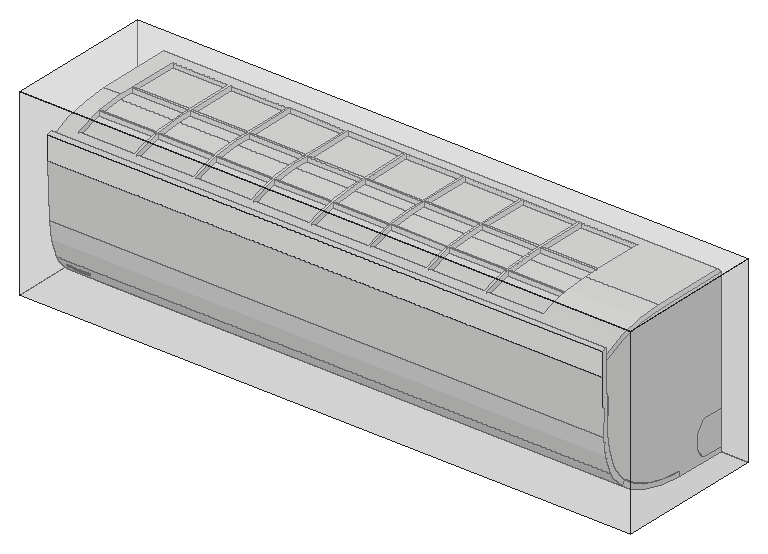
Revit family "outputfile", category 機械設備, Revit 2024 (continued)
Definition of nested family "DAIKIN_indoorunit_FTKM-XVMG"
  Automatic sketch dimensions
    Extrusion 22 sketch curve to Extrusion 22 sketch curve = 20.0 mm  (x2)
    Extrusion 22 sketch curve to level = 287.035 mm
    Extrusion 23 sketch curve to plane 1 "Center (Front/Back)" = 0.0 mm
    Extrusion 23 sketch curve to Extrusion 23 sketch curve = 20.0 mm  (x2)
    Extrusion 23 sketch curve to level = 287.035 mm
    plane 1 "Center (Front/Back)" to Extrusion 24 sketch curve = 0.0 mm  (x2)
    plane 3 "Center (Left/Right)" to Extrusion 24 sketch curve = 469.0 mm
    Extrusion 24 sketch curve to Extrusion 24 sketch curve = 20.0 mm  (x4)
    Extrusion 24 sketch curve to plane 3 "Center (Left/Right)" = 409.0 mm
  Nested families
    nested 1: "daikin_logo_plane_w40" at (-320, -198.871, -233.244) x (1, 0, 0) z (0, -0.7841, -0.6206), visible <- "switch_unit1_25-35", type "daikin_logo_plane_w40"
      with show_logo yes
    nested 2: "daikin_logo_plane_w40" at (-430, -237.74, -233.244) x (1, 0, 0) z (0, -0.7841, -0.6206), visible <- "switch_unit1_50-71", type "daikin_logo_plane_w40"
      with show_logo yes
  Definition of nested family "daikin_logo_plane_w40"
    Parameters (values of type "daikin_logo_plane_w40")
      width = 40.0 mm
      show_logo [instance] = yes
      material = none
      height = 0.0 mm
      depth = 0.0 mm
      Default Elevation = 1219.2 mm
    Reference planes
      plane 1 "Center (Front/Back)": y = 0
      plane 2: z = 0
      plane 3 "Center (Left/Right)": x = 0
      plane 4: z = 2
      plane 5 "left": x = -19
      plane 6: x = 19
    Forms (mm)
      Extrusion 1, solid, visible <- "show_logo"
        sketch origin (-19, 0, 0) x (1, 0, 0) y (0, 1, 0)
          loop
            line (8.902, -1.878) -> (7.789, -6.332) -> (11.13, -6.332)
            arc (11.13, -6.332) -> (12.454, -6.064) -> (13.472, -5.176) r 2.642
            arc (13.472, -5.176) -> (13.92, -4.02) -> (13.767, -2.79) r 2.537
            arc (13.767, -2.79) -> (13.452, -2.342) -> (12.982, -2.06) r 1.321
            arc (12.982, -2.06) -> (12.063, -1.902) -> (11.13, -1.878) r 6.479
            line (11.13, -1.878) -> (8.902, -1.878)
          loop
            line (10.016, -5.441) -> (10.907, -5.441)
            arc (10.907, -5.441) -> (11.591, -4.983) -> (11.988, -4.261) r 1.742
            spline (11.988, -4.261) -> (12.01, -4.155) -> (12.027, -4.03) -> (12.037, -3.893) -> (12.037, -3.747) -> (12.026, -3.598) -> (12.002, -3.451) -> (11.962, -3.31) -> (11.905, -3.181) -> (11.829, -3.069) -> (11.731, -2.978) -> (11.61, -2.913) -> (11.464, -2.88)
            line (11.464, -2.88) -> (10.573, -2.88) -> (10.016, -5.441)
          loop
            line (13.58, -6.332) -> (14.805, -6.332) -> (15.223, -5.553) -> (16.977, -5.553) -> (17.144, -6.332) -> (19.149, -6.332) -> (18.258, -1.878) -> (16.03, -1.878) -> (13.58, -6.332)
          loop
            line (16.476, -3.214) -> (15.76, -4.551) -> (16.762, -4.551) -> (16.476, -3.214)
          loop
            line (19.705, -6.332) -> (21.599, -6.332) -> (22.712, -1.878) -> (20.819, -1.878) -> (19.705, -6.332)
          loop
            line (22.712, -6.332) -> (24.606, -6.332) -> (24.908, -5.122) -> (25.831, -6.332) -> (28.17, -6.332) -> (26.388, -3.994) -> (28.949, -1.878) -> (26.945, -1.878) -> (25.401, -3.153) -> (25.719, -1.878) -> (23.826, -1.878) -> (22.712, -6.332)
          loop
            line (29.84, -1.878) -> (28.615, -6.332) -> (30.62, -6.332) -> (31.734, -1.878) -> (29.84, -1.878)
          loop
            line (31.734, -6.332) -> (33.07, -6.332) -> (33.7, -3.814) -> (34.518, -6.332) -> (36.745, -6.332) -> (37.859, -1.878) -> (36.523, -1.878) -> (35.845, -4.589) -> (34.963, -1.878) -> (32.847, -1.878) -> (31.734, -6.332)
        from 0 to 2
      Extrusion 2, solid, visible <- "show_logo"
        sketch origin (-19, 0, 0) x (1, 0, 0) y (0, 1, 0)
          loop
            line (8.7, 0) -> (4.235, 0) -> (0, -3.879) -> (0, -8) -> (8.7, 0)
        from 0 to 2
      Extrusion 3, solid, visible <- "show_logo"
        sketch origin (-19, 0, 0) x (1, 0, 0) y (0, 1, 0)
          loop
            line (0, 0) -> (0, -3.879) -> (4.235, 0) -> (0, 0)
        from 0 to 2
    Dimensions and locks
      plane 4 to plane 2 = 2.0 mm
      equal spacing: plane 5 "left", plane 3 "Center (Left/Right)", plane 6
      locked: plane 5 "left" to plane 6 at 38
      aligned and locked: level to plane 2
      aligned and locked: Extrusion 3 to plane 1 "Center (Front/Back)"  (x2)
      aligned and locked: Extrusion 2 to plane 1 "Center (Front/Back)"  (x2)
      aligned and locked: plane 4 to Extrusion 1
      aligned and locked: plane 4 to Extrusion 3
      aligned and locked: plane 4 to Extrusion 2
      aligned and locked: Extrusion 3 to plane 5 "left"
      aligned and locked: Extrusion 2 to plane 5 "left"
    Automatic sketch dimensions
      Extrusion 1 sketch curve to Extrusion 1 sketch curve = 0.901 mm
      Extrusion 1 sketch curve to Extrusion 1 sketch curve = 1.559 mm
      Extrusion 1 sketch curve to Extrusion 1 sketch curve = 1.327 mm
      Extrusion 1 sketch curve to Extrusion 1 sketch curve = 2.145 mm
      Extrusion 1 sketch curve to Extrusion 1 sketch curve = 1.448 mm
      Extrusion 1 sketch curve to Extrusion 1 sketch curve = 2.116 mm
      Extrusion 1 sketch curve to Extrusion 1 sketch curve = 1.114 mm  (x4)
      Extrusion 1 sketch curve to Extrusion 1 sketch curve = 1.336 mm  (x2)
      plane 1 "Center (Front/Back)" to Extrusion 1 sketch curve = 1.878 mm  (x5)
      Extrusion 1 sketch curve to Extrusion 1 sketch curve = 1.893 mm  (x5)
      Extrusion 1 sketch curve to Extrusion 1 sketch curve = 0.891 mm  (x4)
      Extrusion 1 sketch curve to Extrusion 1 sketch curve = 2.005 mm  (x3)
      Extrusion 1 sketch curve to Extrusion 1 sketch curve = 0.445 mm  (x2)
      plane 1 "Center (Front/Back)" to Extrusion 1 sketch curve = 3.994 mm
      Extrusion 1 sketch curve to Extrusion 1 sketch curve = 0.557 mm  (x2)
      Extrusion 1 sketch curve to Extrusion 1 sketch curve = 2.339 mm  (x2)
      Extrusion 1 sketch curve to Extrusion 1 sketch curve = 1.225 mm  (x3)
      plane 1 "Center (Front/Back)" to Extrusion 1 sketch curve = 3.153 mm
      Extrusion 1 sketch curve to Extrusion 1 sketch curve = 0.987 mm
      plane 1 "Center (Front/Back)" to Extrusion 1 sketch curve = 5.122 mm
      Extrusion 1 sketch curve to Extrusion 1 sketch curve = 0.922 mm
      plane 1 "Center (Front/Back)" to Extrusion 1 sketch curve = 6.332 mm
      Extrusion 1 sketch curve to Extrusion 1 sketch curve = 2.562 mm
      plane 1 "Center (Front/Back)" to Extrusion 1 sketch curve = 5.553 mm
      Extrusion 1 sketch curve to Extrusion 1 sketch curve = 0.167 mm
      Extrusion 1 sketch curve to Extrusion 1 sketch curve = 0.215 mm
      plane 1 "Center (Front/Back)" to Extrusion 1 sketch curve = 3.214 mm
      Extrusion 1 sketch curve to Extrusion 1 sketch curve = 0.286 mm
      plane 1 "Center (Front/Back)" to Extrusion 1 sketch curve = 4.551 mm
      Extrusion 1 sketch curve to Extrusion 1 sketch curve = 1.002 mm
      Extrusion 1 sketch curve to Extrusion 1 sketch curve = 0.537 mm
      Extrusion 1 sketch curve to Extrusion 1 sketch curve = 0.418 mm
      Extrusion 1 sketch curve to Extrusion 1 sketch curve = 1.028 mm
      plane 1 "Center (Front/Back)" to Extrusion 1 sketch curve = 4.261 mm
      Extrusion 1 sketch curve to Extrusion 1 sketch curve = 0.563 mm
      plane 1 "Center (Front/Back)" to Extrusion 1 sketch curve = 2.88 mm
      Extrusion 1 sketch curve to Extrusion 1 sketch curve = 1.088 mm
      Extrusion 1 sketch curve to Extrusion 1 sketch curve = 2.152 mm
      Extrusion 1 sketch curve to Extrusion 1 sketch curve = 0.586 mm
      Extrusion 1 sketch curve to Extrusion 1 sketch curve = 0.118 mm
      Extrusion 1 sketch curve to Extrusion 1 sketch curve = 0.298 mm
      Extrusion 1 sketch curve to Extrusion 1 sketch curve = 0.334 mm
      Extrusion 1 sketch curve to Extrusion 1 sketch curve = 0.223 mm
      Extrusion 1 sketch curve to Extrusion 1 sketch curve = 0.266 mm
      Extrusion 1 sketch curve to Extrusion 1 sketch curve = 1.671 mm
      Extrusion 1 sketch curve to Extrusion 1 sketch curve = 2.227 mm
      Extrusion 1 sketch curve to Extrusion 1 sketch curve = 0.0 mm  (x7)
      Extrusion 1 sketch curve to Extrusion 1 sketch curve = 3.453 mm
      Extrusion 1 sketch curve to Extrusion 1 sketch curve = 2.017 mm
      Extrusion 1 sketch curve to Extrusion 1 sketch curve = 0.78 mm  (x2)
      Extrusion 1 sketch curve to Extrusion 1 sketch curve = 1.743 mm
      Extrusion 1 sketch curve to Extrusion 1 sketch curve = 0.775 mm
      Extrusion 1 sketch curve to Extrusion 1 sketch curve = 0.552 mm
      Extrusion 1 sketch curve to Extrusion 1 sketch curve = 0.014 mm
      Extrusion 1 sketch curve to Extrusion 1 sketch curve = 0.952 mm
      Extrusion 1 sketch curve to Extrusion 1 sketch curve = 1.215 mm
      Extrusion 1 sketch curve to Extrusion 1 sketch curve = 0.108 mm
      plane 1 "Center (Front/Back)" to Extrusion 2 sketch curve = 0.0 mm
      Extrusion 2 sketch curve to plane 3 "Center (Left/Right)" = 19.0 mm
      Extrusion 2 sketch curve to plane 3 "Center (Left/Right)" = 14.765 mm
      Extrusion 2 sketch curve to Extrusion 2 sketch curve = 4.465 mm
      plane 1 "Center (Front/Back)" to Extrusion 2 sketch curve = 3.879 mm
      Extrusion 2 sketch curve to Extrusion 2 sketch curve = 4.12 mm
      plane 1 "Center (Front/Back)" to Extrusion 3 sketch curve = 0.0 mm
      Extrusion 3 sketch curve to plane 3 "Center (Left/Right)" = 19.0 mm
      Extrusion 3 sketch curve to plane 3 "Center (Left/Right)" = 14.765 mm
      plane 1 "Center (Front/Back)" to Extrusion 3 sketch curve = 3.879 mm
      Extrusion 1 sketch curve to plane 3 "Center (Left/Right)" = 11.211 mm
      Extrusion 1 sketch curve to Extrusion 1 sketch curve = 1.782 mm
Definition of nested family "daikin_connector_rotate3"
  Parameters (values of type "daikin_connector_rotate3")
    show [instance] = yes
    radius [instance] = 10.0 mm
    length [instance] = 600.0 mm
    angle_horizontal [instance] = 60.00°
    angle_vertical [instance] = 90.00°
    Default Elevation = 1219.2 mm
  Reference planes
    plane 1 "Center (Front/Back)": y = 0
    plane 2: z = 0
    plane 3 "Center (Left/Right)": x = 0
  Dimensions and locks
    "angle_horizontal": angle plane 3 "Center (Left/Right)" to nested 1
    aligned and locked: level to plane 2
    aligned and locked: plane 1 "Center (Front/Back)" to nested 1  (x2)
    aligned and locked: plane 3 "Center (Left/Right)" to nested 1
  Nested families
    nested 1: "daikin_connector_rotate2" at (0, 0, 0) x (0.5, 0.866, 0) z (0, 0, 1), angle_vertical <- "angle_vertical", length <- "length", radius <- "radius", type "daikin_connector_rotate2"
      with radius 10.0 mm, length 600.0 mm, angle_vertical 90.00°
  Definition of nested family "daikin_connector_rotate2"
    Parameters (values of type "daikin_connector_rotate2")
      show_face = yes
      radius [instance] = 10.0 mm
      length [instance] = 600.0 mm
      d_surface = 10.0 mm
      angle_vertical [instance] = 90.00°
      Default Elevation = 0.0 mm
    Reference planes
      plane 1 "Center (Front/Back)": y = 0
      plane 2: z = 0
      plane 3 "Center (Left/Right)": x = 0
    Forms (mm)
      Extrusion 1, solid, visible <- "show_face"
        sketch origin (0, -600, 0) x (1, 0, 0) y (0, 0, 1)
          loop
            circle (0, 0) r 10
        from 0 to -10
    Lines and regions (mm)
      reference lines
        curve 1: line (0, 0, 0) -> (0, -600, 0)
      symbolic lines
        curve 2: circle (0, 0, 0) r 5 normal (0, 0, 1)
      model lines, visible <- "show_face"
        curve 3: line (0, 0, 0) -> (0, -600, 0)
    Dimensions and locks
      "length": curve 1 to curve 1
      "length": curve 3 to curve 3
      "d_surface": Extrusion 1 to Extrusion 1
      "radius": radius of Extrusion 1 sketch curve
      "angle_vertical": angle curve 1 to plane 1 "Center (Front/Back)"
      "angle_vertical": angle curve 3 to plane 1 "Center (Front/Back)"
      aligned and locked: level to plane 2
      aligned and locked: plane 1 "Center (Front/Back)" to curve 1
      aligned and locked: plane 2 to curve 1
      aligned and locked: plane 1 "Center (Front/Back)" to curve 2
      aligned and locked: plane 3 "Center (Left/Right)" to curve 2
      aligned and locked: plane 1 "Center (Front/Back)" to curve 3
      aligned and locked: plane 2 to curve 3
      aligned and locked: Extrusion 1 to Extrusion 1
    Automatic sketch dimensions
      Extrusion 1 sketch curve to level = 0.0 mm
      Extrusion 1 sketch curve to plane 3 "Center (Left/Right)" = 0.0 mm
      radius of curve 2 = 5.0 mm
